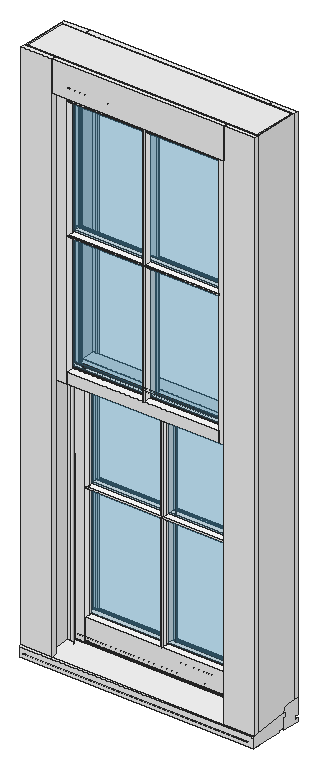
Revit family "B1-44", category Generic Models, Revit 2012 (continued)
Forms (mm)
  Extrusion 87, solid, material "White" <- "Floor Material"
    sketch origin (-21.41, 72.797, -224.237) x (1, 0, 0) y (0, 1, 0)
      loop
        line (-408.094, 34) -> (-408.094, 18) -> (-388.094, 18) -> (-388.094, 34) -> (-408.094, 34)
    from 353.733 to 1046.794
  Extrusion 88, solid, material "White" <- "Floor Material", detail levels fine
    sketch origin (-420.628, -53.846, 156.937) x (1, 0, 0) y (0, 1, 0)
      loop
        line (-8.825, 93.096) -> (11.175, 93.096) -> (11.175, 99.096) -> (9.175, 99.096) -> (9.175, 100.804)
        arc (9.175, 100.804) -> (7.675, 105.779) -> (3.675, 109.096) r 9
        line (3.675, 109.096) -> (3.675, 111.096) -> (-1.325, 111.096) -> (-1.325, 109.096)
        arc (-1.325, 109.096) -> (-5.325, 105.779) -> (-6.825, 100.804) r 9
        line (-6.825, 100.804) -> (-6.825, 99.096) -> (-8.825, 99.096) -> (-8.825, 93.096)
      loop
        line (-8.825, 61.911) -> (-1.376, 53.757) -> (-1.376, 51.757) -> (3.624, 51.757) -> (3.624, 53.757) -> (11.175, 64.711) -> (-8.825, 64.711) -> (-8.825, 61.911)
    from 707.091 to 1513.063
  Extrusion 89, solid, material "White" <- "Floor Material", detail levels fine
    sketch origin (450.141, -53.004, 1258.14) x (0, 0, 1) y (0, 1, 0)
      loop
        line (-8.825, 91) -> (11.175, 91) -> (11.175, 97) -> (9.175, 97) -> (9.175, 99.5)
        arc (9.175, 99.5) -> (7.469, 104.016) -> (3.675, 107) r 9
        line (3.675, 107) -> (3.675, 109) -> (-1.325, 109) -> (-1.325, 107)
        arc (-1.325, 107) -> (-5.119, 104.016) -> (-6.825, 99.5) r 9
        line (-6.825, 99.5) -> (-6.825, 97) -> (-8.825, 97) -> (-8.825, 91)
      loop
        line (-8.825, 61.911) -> (-1.376, 53.757) -> (-1.376, 51.757) -> (3.624, 51.757) -> (3.624, 53.757) -> (11.175, 64.711) -> (-8.825, 64.711) -> (-8.825, 61.911)
    from 625.219 to 1118.062
  Extrusion 90, solid, material "White" <- "Floor Material"
    sketch origin (450.141, 0, 1657.409) x (0, 0, 1) y (0, 1, 0)
      loop
        line (-408.094, 34) -> (-408.094, 18) -> (-388.094, 18) -> (-388.094, 34) -> (-408.094, 34)
    from 624.219 to 1108
  Extrusion 91, solid, material "White" <- "Floor Material"
    sketch origin (911.333, -571.902, 1492.371) x (0, 0, -1) y (0, -1, 0)
      loop
        line (-162.504, -643.402) -> (-199.504, -643.402)
        arc (-199.504, -643.402) -> (-201.625, -644.281) -> (-202.504, -646.402) r 3
        line (-202.504, -646.402) -> (-202.504, -651.402) -> (-196.504, -651.402) -> (-196.504, -654.402) -> (-202.504, -654.402) -> (-202.504, -667.402) -> (-196.504, -667.402) -> (-196.504, -679.402) -> (-202.504, -679.402) -> (-202.504, -700.402)
        arc (-202.504, -700.402) -> (-201.625, -702.524) -> (-199.504, -703.402) r 3
        line (-199.504, -703.402) -> (-162.504, -703.402) -> (-162.504, -643.402)
    from 1080.412 to 1585.254
  Extrusion 92, solid, material "White" <- "Floor Material"
    sketch origin (-1539.933, -714.403, 1493.496) x (0, 0, -1) y (0, 1, 0)
      loop
        arc (-199.504, 774.402) -> (-201.625, 773.524) -> (-202.504, 771.402) r 3
        line (-202.504, 771.402) -> (-202.504, 766.402) -> (-196.504, 766.402) -> (-196.504, 763.402) -> (-202.504, 763.402) -> (-202.504, 750.402) -> (-196.504, 750.402) -> (-196.504, 738.402) -> (-202.504, 738.402) -> (-202.504, 717.402)
        arc (-202.504, 717.402) -> (-201.625, 715.281) -> (-199.504, 714.402) r 3
        line (-199.504, 714.402) -> (-156.504, 714.402) -> (-146.504, 724.402) -> (-146.504, 726.402) -> (-162.504, 726.402) -> (-162.504, 774.402) -> (-199.504, 774.402)
    from 872.011 to 1364.854
Dimensions and locks
  plane 4 to level = 1770 mm
  plane 8 to plane 5 = 131 mm  (x2)
  plane 9 to plane 7 = 174 mm
  locked: plane 10 to plane 11 at 44
  locked: plane 4 to plane 12 at 100
  locked: plane 13 to plane 12 at 14
  plane 14 to level = 33 mm
  locked: Extrusion 58 to Extrusion 58 at 6
  Extrusion 4 to Extrusion 4 = 4 mm
  locked: plane 4 to plane 15 at 82
  plane 16 to level = 68 mm
  plane 16 to plane 2 = 68 mm
  plane 19 to plane 12 = 100 mm
  "Width": plane 17 to plane 5
  locked: Extrusion 81 to Extrusion 81 at 6
  plane 17 to plane 22 = 131 mm
  Extrusion 85 sketch curve to Extrusion 85 sketch curve = 8 mm  (x2)
  Extrusion 85 sketch curve to Extrusion 85 sketch curve = 26 mm
  plane 19 to level = 1770 mm
  plane 26 to level = 1254.52 mm
  plane 12 to plane 27 = 30.062 mm
  aligned and locked: level to plane 2
  aligned and locked: Extrusion 5 to Extrusion 6
  aligned and locked: Extrusion 33 to Extrusion 32
  aligned and locked: Extrusion 15 to plane 8
  aligned and locked: Extrusion 13 to plane 8
  aligned and locked: Extrusion 20 to plane 8
  aligned and locked: Extrusion 17 to plane 8
  aligned and locked: Extrusion 19 to plane 8
  aligned and locked: Extrusion 16 to plane 8
  aligned and locked: Extrusion 18 to plane 8
  aligned and locked: Extrusion 21 to plane 8
  aligned and locked: Extrusion 8 to plane 8
  aligned and locked: Extrusion 10 to plane 8
  aligned and locked: Extrusion 3 to plane 8
  aligned and locked: Extrusion 9 to plane 8
  aligned and locked: Extrusion 5 to plane 8
  aligned and locked: Extrusion 7 to plane 8
  aligned and locked: Extrusion 2 to plane 8
  aligned and locked: Extrusion 6 to plane 8
  aligned and locked: Extrusion 9 to Extrusion 15
  aligned and locked: Extrusion 8 to Extrusion 15
  aligned and locked: Extrusion 28 to plane 8
  aligned and locked: Extrusion 26 to plane 8
  aligned and locked: Extrusion 30 to plane 8
  aligned and locked: Extrusion 33 to plane 8
  aligned and locked: Extrusion 32 to plane 8
  aligned and locked: Extrusion 34 to plane 8
  aligned and locked: Extrusion 35 to plane 8
  aligned and locked: Extrusion 31 to plane 8
  aligned and locked: Extrusion 27 to plane 8
  aligned and locked: Extrusion 4 to plane 8
  aligned and locked: plane 10 to Extrusion 2
  aligned and locked: plane 11 to Extrusion 1
  aligned and locked: Extrusion 42 to plane 11
  aligned and locked: Extrusion 41 to plane 11
  aligned and locked: plane 13 to Extrusion 41
  aligned and locked: plane 13 to Extrusion 42
  aligned and locked: plane 13 to Extrusion 52
  aligned and locked: plane 13 to Extrusion 51
  aligned and locked: plane 13 to Extrusion 50
  aligned and locked: plane 13 to Extrusion 44
  aligned and locked: Extrusion 14 to Extrusion 54
  aligned and locked: Extrusion 24 to plane 17
  aligned and locked: plane 20 to Extrusion 57
  aligned and locked: plane 4 to Extrusion 56
  aligned and locked: plane 4 to Extrusion 58
  aligned and locked: plane 21 to Sweep 60 sketch curve
Automatic sketch dimensions
  Extrusion 21 sketch curve to plane 1 "Center (Front/Back)" = 12.25 mm
  Extrusion 21 sketch curve to Extrusion 21 sketch curve = 1.75 mm
  Extrusion 21 sketch curve to Extrusion 21 sketch curve = 24.25 mm
  Extrusion 21 sketch curve to Extrusion 21 sketch curve = 3 mm
  Extrusion 21 sketch curve to Extrusion 21 sketch curve = 4 mm  (x2)
  Extrusion 21 sketch curve to plane 12 = 31.063 mm
  Extrusion 21 sketch curve to Extrusion 21 sketch curve = 1 mm
  Extrusion 21 sketch curve to Extrusion 21 sketch curve = 0.215 mm
  Extrusion 21 sketch curve to Extrusion 21 sketch curve = 2.785 mm
  Extrusion 23 sketch curve to plane 14 = 0 mm
  Extrusion 23 sketch curve to level = 0 mm  (x2)
  plane 7 to Extrusion 23 sketch curve = 49.25 mm
  level to Extrusion 23 sketch curve = 5 mm
  Extrusion 23 sketch curve to Extrusion 23 sketch curve = 5 mm  (x2)
  Extrusion 23 sketch curve to Extrusion 23 sketch curve = 20 mm
  level to Extrusion 23 sketch curve = 2 mm
  Extrusion 23 sketch curve to plane 6 = 6.75 mm
  Extrusion 23 sketch curve to Extrusion 23 sketch curve = 3 mm
  plane 6 to Extrusion 23 sketch curve = 1.25 mm
  plane 14 to Extrusion 23 sketch curve = 0.098 mm
  plane 6 to Extrusion 23 sketch curve = 1.616 mm
  Extrusion 23 sketch curve to plane 14 = 2.879 mm
  plane 14 to Extrusion 23 sketch curve = 15 mm
  plane 5 to Extrusion 36 sketch curve = 7.079 mm
  plane 5 to Extrusion 36 sketch curve = 8.579 mm  (x2)
  plane 5 to Extrusion 36 sketch curve = 31.079 mm  (x2)
  Extrusion 36 sketch curve to Extrusion 36 sketch curve = 22.5 mm  (x4)
  Extrusion 36 sketch curve to plane 1 "Center (Front/Back)" = 7.75 mm
  Extrusion 36 sketch curve to Extrusion 36 sketch curve = 1.5 mm
  Extrusion 36 sketch curve to Extrusion 36 sketch curve = 20 mm
  Extrusion 36 sketch curve to Extrusion 36 sketch curve = 7 mm
  Extrusion 36 sketch curve to Extrusion 36 sketch curve = 14 mm
  Extrusion 36 sketch curve to plane 1 "Center (Front/Back)" = 30.25 mm
  Extrusion 36 sketch curve to Extrusion 36 sketch curve = 9 mm
  Extrusion 36 sketch curve to Extrusion 36 sketch curve = 11.5 mm  (x2)
  Extrusion 36 sketch curve to Extrusion 36 sketch curve = 4 mm
  Extrusion 36 sketch curve to Extrusion 36 sketch curve = 3 mm
  plane 7 to Extrusion 36 sketch curve = 29 mm
  plane 5 to Extrusion 37 sketch curve = 34.062 mm  (x2)
  Extrusion 37 sketch curve to Extrusion 37 sketch curve = 45 mm  (x2)
  Extrusion 37 sketch curve to Extrusion 37 sketch curve = 0 mm  (x2)
  Extrusion 37 sketch curve to Extrusion 37 sketch curve = 3 mm  (x2)
  Extrusion 37 sketch curve to plane 1 "Center (Front/Back)" = 14.937 mm
  Extrusion 37 sketch curve to plane 1 "Center (Front/Back)" = 21.437 mm
  Extrusion 37 sketch curve to Extrusion 37 sketch curve = 16 mm  (x2)
  Extrusion 37 sketch curve to Extrusion 37 sketch curve = 6.5 mm  (x3)
  Extrusion 37 sketch curve to Extrusion 37 sketch curve = 42 mm
  plane 7 to Extrusion 62 sketch curve = 20 mm
  plane 5 to Extrusion 62 sketch curve = 56.079 mm
  Extrusion 62 sketch curve to Extrusion 62 sketch curve = 9 mm  (x3)
  plane 1 "Center (Front/Back)" to Extrusion 62 sketch curve = 1.25 mm  (x2)
  Extrusion 62 sketch curve to Extrusion 62 sketch curve = 8 mm  (x2)
  plane 1 "Center (Front/Back)" to Extrusion 62 sketch curve = 6.25 mm
  Extrusion 62 sketch curve to Extrusion 62 sketch curve = 0 mm
  Extrusion 62 sketch curve to Extrusion 62 sketch curve = 5 mm
  plane 22 to Extrusion 71 sketch curve = 4.921 mm
  Extrusion 71 sketch curve to plane 22 = 0.079 mm
  Extrusion 71 sketch curve to plane 22 = 7.079 mm
  Extrusion 71 sketch curve to Extrusion 71 sketch curve = 1 mm  (x2)
  Extrusion 71 sketch curve to Extrusion 71 sketch curve = 3 mm  (x2)
  Extrusion 71 sketch curve to plane 1 "Center (Front/Back)" = 57 mm
  Extrusion 71 sketch curve to Extrusion 71 sketch curve = 4 mm
  Extrusion 71 sketch curve to Extrusion 71 sketch curve = 8 mm
  plane 22 to Extrusion 83 sketch curve = 4.922 mm
  Extrusion 83 sketch curve to plane 22 = 0.078 mm
  Extrusion 83 sketch curve to plane 22 = 7.078 mm
  Extrusion 83 sketch curve to Extrusion 83 sketch curve = 1 mm  (x2)
  Extrusion 83 sketch curve to Extrusion 83 sketch curve = 3 mm  (x2)
  plane 7 to Extrusion 83 sketch curve = 24.25 mm
  Extrusion 83 sketch curve to Extrusion 83 sketch curve = 4 mm
  Extrusion 83 sketch curve to Extrusion 83 sketch curve = 8 mm
  Extrusion 85 sketch curve to plane 23 = 2 mm
  plane 18 to Extrusion 85 sketch curve = 10 mm  (x2)
  Extrusion 85 sketch curve to Extrusion 85 sketch curve = 2 mm  (x4)
  plane 18 to Extrusion 85 sketch curve = 2.5 mm  (x2)
  Extrusion 85 sketch curve to plane 18 = 2.5 mm  (x2)
  Extrusion 85 sketch curve to plane 18 = 8 mm
  Extrusion 85 sketch curve to plane 18 = 10 mm
  Extrusion 85 sketch curve to Extrusion 85 sketch curve = 2.8 mm  (x2)
  Extrusion 85 sketch curve to Extrusion 85 sketch curve = 8.154 mm
  Extrusion 85 sketch curve to Extrusion 85 sketch curve = 0 mm  (x2)
  plane 23 to Extrusion 85 sketch curve = 6 mm
  Extrusion 85 sketch curve to Extrusion 85 sketch curve = 2.5 mm  (x2)
  Extrusion 85 sketch curve to Extrusion 85 sketch curve = 7.5 mm
  plane 18 to Extrusion 86 sketch curve = 10 mm
  Extrusion 86 sketch curve to plane 18 = 10 mm
  Extrusion 86 sketch curve to plane 1 "Center (Front/Back)" = 18 mm
  Extrusion 86 sketch curve to Extrusion 86 sketch curve = 16 mm
  plane 18 to Extrusion 87 sketch curve = 10 mm
  Extrusion 87 sketch curve to plane 18 = 10 mm
  plane 7 to Extrusion 87 sketch curve = 61.953 mm
  Extrusion 87 sketch curve to Extrusion 87 sketch curve = 16 mm
  plane 18 to Extrusion 88 sketch curve = 9.949 mm  (x2)
  Extrusion 88 sketch curve to Extrusion 88 sketch curve = 2 mm  (x4)
  plane 1 "Center (Front/Back)" to Extrusion 88 sketch curve = 0.089 mm  (x2)
  plane 18 to Extrusion 88 sketch curve = 2.5 mm
  plane 18 to Extrusion 88 sketch curve = 2.449 mm
  plane 18 to Extrusion 88 sketch curve = 0.949 mm
  Extrusion 88 sketch curve to plane 18 = 1.051 mm
  Extrusion 88 sketch curve to plane 18 = 2.5 mm
  Extrusion 88 sketch curve to plane 18 = 2.551 mm
  Extrusion 88 sketch curve to Extrusion 88 sketch curve = 7 mm
  Extrusion 88 sketch curve to plane 18 = 10.051 mm
  Extrusion 88 sketch curve to plane 1 "Center (Front/Back)" = 8.065 mm
  Extrusion 88 sketch curve to Extrusion 88 sketch curve = 2.8 mm
  Extrusion 88 sketch curve to Extrusion 88 sketch curve = 28.385 mm
  Extrusion 88 sketch curve to Extrusion 88 sketch curve = 6 mm  (x2)
  Extrusion 88 sketch curve to Extrusion 88 sketch curve = 1.708 mm
  Extrusion 88 sketch curve to Extrusion 88 sketch curve = 0 mm
  Extrusion 89 sketch curve to plane 26 = 5.205 mm  (x2)
  Extrusion 89 sketch curve to Extrusion 89 sketch curve = 2 mm  (x5)
  plane 26 to Extrusion 89 sketch curve = 2.244 mm
  plane 26 to Extrusion 89 sketch curve = 2.295 mm
  plane 26 to Extrusion 89 sketch curve = 3.831 mm
  Extrusion 89 sketch curve to Extrusion 89 sketch curve = 1.928 mm
  Extrusion 89 sketch curve to Extrusion 89 sketch curve = 5 mm  (x2)
  Extrusion 89 sketch curve to Extrusion 89 sketch curve = 7.036 mm
  Extrusion 89 sketch curve to Extrusion 89 sketch curve = 7.551 mm
  plane 1 "Center (Front/Back)" to Extrusion 89 sketch curve = 1.247 mm
  Extrusion 89 sketch curve to Extrusion 89 sketch curve = 8.154 mm
  Extrusion 89 sketch curve to Extrusion 89 sketch curve = 2.8 mm
  Extrusion 89 sketch curve to Extrusion 89 sketch curve = 26.289 mm
  Extrusion 89 sketch curve to Extrusion 89 sketch curve = 6 mm  (x2)
  Extrusion 89 sketch curve to Extrusion 89 sketch curve = 1.693 mm
  Extrusion 89 sketch curve to Extrusion 89 sketch curve = 0 mm
  Extrusion 89 sketch curve to Extrusion 89 sketch curve = 2.5 mm  (x2)
  Extrusion 90 sketch curve to plane 26 = 5.205 mm
  plane 26 to Extrusion 90 sketch curve = 14.795 mm
  plane 7 to Extrusion 90 sketch curve = 134.75 mm
  Extrusion 90 sketch curve to Extrusion 90 sketch curve = 16 mm
  Extrusion 2 sketch curve to plane 10 = 0 mm
  Extrusion 2 sketch curve to plane 10 = 2.602 mm
  Extrusion 2 sketch curve to plane 1 "Center (Front/Back)" = 38 mm
  Extrusion 2 sketch curve to Extrusion 2 sketch curve = 3 mm
  plane 10 to Extrusion 2 sketch curve = 1.398 mm
  Extrusion 2 sketch curve to Extrusion 2 sketch curve = 1 mm  (x3)
  Extrusion 2 sketch curve to Extrusion 2 sketch curve = 22 mm
  Extrusion 2 sketch curve to Extrusion 2 sketch curve = 18 mm
  Extrusion 2 sketch curve to Extrusion 2 sketch curve = 4 mm  (x2)
  plane 11 to Extrusion 2 sketch curve = 17.714 mm
  Extrusion 2 sketch curve to Extrusion 2 sketch curve = 4.863 mm
  plane 11 to Extrusion 2 sketch curve = 16.398 mm
  Extrusion 2 sketch curve to Extrusion 2 sketch curve = 0.137 mm
  Extrusion 2 sketch curve to Extrusion 2 sketch curve = 0.817 mm
  Extrusion 2 sketch curve to plane 10 = 13.602 mm
  Extrusion 2 sketch curve to Extrusion 2 sketch curve = 6 mm
  Extrusion 2 sketch curve to Extrusion 2 sketch curve = 0.597 mm  (x2)
  plane 11 to Extrusion 2 sketch curve = 6.398 mm
  Extrusion 2 sketch curve to Extrusion 2 sketch curve = 7 mm
  Extrusion 2 sketch curve to Extrusion 2 sketch curve = 2.849 mm
  Extrusion 2 sketch curve to Extrusion 2 sketch curve = 0.485 mm
  Extrusion 2 sketch curve to Extrusion 2 sketch curve = 1.127 mm
  Extrusion 2 sketch curve to Extrusion 2 sketch curve = 1.388 mm
  plane 11 to Extrusion 2 sketch curve = 1.398 mm  (x2)
  Extrusion 2 sketch curve to Extrusion 2 sketch curve = 0.636 mm
  Extrusion 2 sketch curve to Extrusion 2 sketch curve = 4.834 mm
  Extrusion 2 sketch curve to Extrusion 2 sketch curve = 1.387 mm
  Extrusion 2 sketch curve to Extrusion 2 sketch curve = 12 mm
  Extrusion 2 sketch curve to Extrusion 2 sketch curve = 26.5 mm
  Extrusion 2 sketch curve to Extrusion 2 sketch curve = 2.767 mm
  Extrusion 2 sketch curve to Extrusion 2 sketch curve = 0.678 mm
  Extrusion 2 sketch curve to Extrusion 2 sketch curve = 1.861 mm
  Extrusion 2 sketch curve to Extrusion 2 sketch curve = 1.082 mm
  plane 11 to Extrusion 2 sketch curve = 17.398 mm
  Extrusion 2 sketch curve to Extrusion 2 sketch curve = 0.887 mm
  Extrusion 2 sketch curve to Extrusion 2 sketch curve = 2.57 mm
  Extrusion 2 sketch curve to plane 10 = 3.602 mm
  plane 10 to Extrusion 3 sketch curve = 1.398 mm  (x2)
  Extrusion 3 sketch curve to plane 1 "Center (Front/Back)" = 12 mm
  Extrusion 3 sketch curve to Extrusion 3 sketch curve = 2 mm  (x2)
  plane 10 to Extrusion 3 sketch curve = 1.89 mm
  Extrusion 3 sketch curve to Extrusion 3 sketch curve = 24 mm  (x2)
  Extrusion 3 sketch curve to Extrusion 3 sketch curve = 3 mm  (x2)
  Extrusion 3 sketch curve to Extrusion 3 sketch curve = 4 mm  (x2)
  plane 11 to Extrusion 3 sketch curve = 4.398 mm
  Extrusion 3 sketch curve to Extrusion 3 sketch curve = 42 mm
  plane 11 to Extrusion 3 sketch curve = 0.907 mm
  plane 11 to Extrusion 3 sketch curve = 5.398 mm
  plane 11 to Extrusion 3 sketch curve = 1.398 mm  (x2)
  plane 11 to Extrusion 3 sketch curve = 1.153 mm
  Extrusion 3 sketch curve to Extrusion 3 sketch curve = 0.246 mm
  Extrusion 3 sketch curve to plane 10 = 2.602 mm
  Extrusion 3 sketch curve to plane 10 = 1.602 mm
  Extrusion 3 sketch curve to plane 10 = 1.356 mm
  plane 10 to Extrusion 3 sketch curve = 1.644 mm
  plane 7 to Extrusion 4 sketch curve = 67.764 mm
  Extrusion 4 sketch curve to Extrusion 4 sketch curve = 4 mm  (x2)
  plane 11 to Extrusion 4 sketch curve = 5.398 mm
  Extrusion 4 sketch curve to Extrusion 4 sketch curve = 16 mm
  plane 11 to Extrusion 4 sketch curve = 3.398 mm
  plane 16 to Extrusion 4 sketch curve = 49.004 mm
  Extrusion 4 sketch curve to Extrusion 4 sketch curve = 0 mm
  Extrusion 5 sketch curve to plane 10 = 14.702 mm
  Extrusion 5 sketch curve to plane 1 "Center (Front/Back)" = 61.71 mm
  Extrusion 5 sketch curve to Extrusion 5 sketch curve = 0.207 mm
  Extrusion 5 sketch curve to Extrusion 5 sketch curve = 0.208 mm
  Extrusion 5 sketch curve to Extrusion 5 sketch curve = 0.097 mm  (x2)
  Extrusion 5 sketch curve to Extrusion 5 sketch curve = 0.695 mm
  Extrusion 5 sketch curve to Extrusion 5 sketch curve = 0.01 mm
  Extrusion 5 sketch curve to Extrusion 5 sketch curve = 0.515 mm
  Extrusion 5 sketch curve to Extrusion 5 sketch curve = 0.807 mm
  Extrusion 5 sketch curve to Extrusion 5 sketch curve = 0.052 mm
  Extrusion 5 sketch curve to Extrusion 5 sketch curve = 0.494 mm
  Extrusion 5 sketch curve to Extrusion 5 sketch curve = 0.432 mm
  Extrusion 5 sketch curve to Extrusion 5 sketch curve = 0.799 mm
  Extrusion 5 sketch curve to Extrusion 5 sketch curve = 0.784 mm
  Extrusion 5 sketch curve to Extrusion 5 sketch curve = 0.893 mm  (x3)
  Extrusion 5 sketch curve to Extrusion 5 sketch curve = 3.071 mm
  Extrusion 5 sketch curve to Extrusion 5 sketch curve = 2.464 mm
  Extrusion 5 sketch curve to Extrusion 5 sketch curve = 0.602 mm  (x2)
  Extrusion 5 sketch curve to Extrusion 5 sketch curve = 2.962 mm
  Extrusion 5 sketch curve to Extrusion 5 sketch curve = 0.109 mm
  Extrusion 5 sketch curve to Extrusion 5 sketch curve = 0.606 mm
  Extrusion 5 sketch curve to Extrusion 5 sketch curve = 1.622 mm
  Extrusion 5 sketch curve to Extrusion 5 sketch curve = 0.373 mm
  Extrusion 5 sketch curve to Extrusion 5 sketch curve = 2.848 mm
  Extrusion 5 sketch curve to Extrusion 5 sketch curve = 0.798 mm
  Extrusion 5 sketch curve to Extrusion 5 sketch curve = 0.078 mm
  Extrusion 5 sketch curve to Extrusion 5 sketch curve = 0.64 mm
  Extrusion 5 sketch curve to Extrusion 5 sketch curve = 0.422 mm
  Extrusion 5 sketch curve to Extrusion 5 sketch curve = 1.377 mm
  Extrusion 5 sketch curve to Extrusion 5 sketch curve = 1.698 mm
  Extrusion 5 sketch curve to Extrusion 5 sketch curve = 0.083 mm
  Extrusion 5 sketch curve to Extrusion 5 sketch curve = 2.325 mm
  Extrusion 5 sketch curve to Extrusion 5 sketch curve = 2.362 mm
  Extrusion 5 sketch curve to Extrusion 5 sketch curve = 0.218 mm
  Extrusion 5 sketch curve to Extrusion 5 sketch curve = 0.794 mm  (x2)
  Extrusion 5 sketch curve to Extrusion 5 sketch curve = 0.584 mm
  Extrusion 5 sketch curve to Extrusion 5 sketch curve = 0.621 mm
  Extrusion 5 sketch curve to Extrusion 5 sketch curve = 0.663 mm
  Extrusion 5 sketch curve to Extrusion 5 sketch curve = 0.085 mm
  Extrusion 5 sketch curve to Extrusion 5 sketch curve = 0.645 mm
  Extrusion 5 sketch curve to Extrusion 5 sketch curve = 1.316 mm
  Extrusion 5 sketch curve to Extrusion 5 sketch curve = 0.482 mm
  Extrusion 5 sketch curve to Extrusion 5 sketch curve = 0.026 mm
  Extrusion 5 sketch curve to Extrusion 5 sketch curve = 2.763 mm
  Extrusion 5 sketch curve to Extrusion 5 sketch curve = 0.86 mm
  Extrusion 6 sketch curve to plane 10 = 14.602 mm
  Extrusion 6 sketch curve to plane 1 "Center (Front/Back)" = 61.71 mm
  Extrusion 6 sketch curve to Extrusion 6 sketch curve = 0.208 mm
  Extrusion 6 sketch curve to Extrusion 6 sketch curve = 0.098 mm
  Extrusion 6 sketch curve to Extrusion 6 sketch curve = 0.097 mm  (x5)
  Extrusion 6 sketch curve to Extrusion 6 sketch curve = 0.697 mm  (x2)
  Extrusion 6 sketch curve to Extrusion 6 sketch curve = 0.518 mm
  Extrusion 6 sketch curve to Extrusion 6 sketch curve = 0.694 mm
  Extrusion 6 sketch curve to Extrusion 6 sketch curve = 0.165 mm
  Extrusion 6 sketch curve to Extrusion 6 sketch curve = 0.689 mm
  Extrusion 6 sketch curve to Extrusion 6 sketch curve = 0.644 mm
  Extrusion 6 sketch curve to Extrusion 6 sketch curve = 0.799 mm
  Extrusion 6 sketch curve to Extrusion 6 sketch curve = 0.794 mm  (x4)
  Extrusion 6 sketch curve to Extrusion 6 sketch curve = 3.119 mm
  Extrusion 6 sketch curve to Extrusion 6 sketch curve = 2.365 mm
  Extrusion 6 sketch curve to Extrusion 6 sketch curve = 0.661 mm  (x2)
  Extrusion 6 sketch curve to Extrusion 6 sketch curve = 3.021 mm
  Extrusion 6 sketch curve to Extrusion 6 sketch curve = 0.541 mm
  Extrusion 6 sketch curve to Extrusion 6 sketch curve = 1.585 mm
  Extrusion 6 sketch curve to Extrusion 6 sketch curve = 0.629 mm
  Extrusion 6 sketch curve to Extrusion 6 sketch curve = 2.86 mm
  Extrusion 6 sketch curve to Extrusion 6 sketch curve = 0.091 mm
  Extrusion 6 sketch curve to Extrusion 6 sketch curve = 0.411 mm
  Extrusion 6 sketch curve to Extrusion 6 sketch curve = 0.739 mm
  Extrusion 6 sketch curve to Extrusion 6 sketch curve = 0.509 mm
  Extrusion 6 sketch curve to Extrusion 6 sketch curve = 1.464 mm
  Extrusion 6 sketch curve to Extrusion 6 sketch curve = 1.698 mm
  Extrusion 6 sketch curve to Extrusion 6 sketch curve = 0.134 mm
  Extrusion 6 sketch curve to Extrusion 6 sketch curve = 2.325 mm
  Extrusion 6 sketch curve to Extrusion 6 sketch curve = 2.323 mm
  Extrusion 6 sketch curve to Extrusion 6 sketch curve = 0.2 mm
  Extrusion 6 sketch curve to Extrusion 6 sketch curve = 0.501 mm
  Extrusion 6 sketch curve to Extrusion 6 sketch curve = 0.092 mm
  Extrusion 6 sketch curve to Extrusion 6 sketch curve = 0.722 mm
  Extrusion 6 sketch curve to Extrusion 6 sketch curve = 0.763 mm
  Extrusion 6 sketch curve to Extrusion 6 sketch curve = 0.744 mm
  Extrusion 6 sketch curve to Extrusion 6 sketch curve = 1.416 mm
  Extrusion 6 sketch curve to Extrusion 6 sketch curve = 0.365 mm
  Extrusion 6 sketch curve to Extrusion 6 sketch curve = 0.077 mm
  Extrusion 6 sketch curve to Extrusion 6 sketch curve = 2.759 mm
  Extrusion 6 sketch curve to Extrusion 6 sketch curve = 0.941 mm
  Extrusion 7 sketch curve to plane 10 = 14.319 mm
  Extrusion 7 sketch curve to plane 1 "Center (Front/Back)" = 56.897 mm
  Extrusion 7 sketch curve to Extrusion 7 sketch curve = 0.097 mm  (x2)
  Extrusion 7 sketch curve to Extrusion 7 sketch curve = 0.233 mm
  Extrusion 7 sketch curve to Extrusion 7 sketch curve = 0.437 mm
  Extrusion 7 sketch curve to Extrusion 7 sketch curve = 0.496 mm
  Extrusion 7 sketch curve to Extrusion 7 sketch curve = 0.065 mm
  Extrusion 7 sketch curve to Extrusion 7 sketch curve = 0.807 mm
  Extrusion 7 sketch curve to Extrusion 7 sketch curve = 0.052 mm
  Extrusion 7 sketch curve to Extrusion 7 sketch curve = 0.552 mm
  Extrusion 7 sketch curve to Extrusion 7 sketch curve = 0.432 mm
  Extrusion 7 sketch curve to Extrusion 7 sketch curve = 0.07 mm
  Extrusion 7 sketch curve to Extrusion 7 sketch curve = 0.799 mm
  Extrusion 7 sketch curve to Extrusion 7 sketch curve = 2.464 mm
  Extrusion 7 sketch curve to Extrusion 7 sketch curve = 5.127 mm
  Extrusion 7 sketch curve to Extrusion 7 sketch curve = 0.03 mm
  Extrusion 7 sketch curve to Extrusion 7 sketch curve = 0.032 mm
  Extrusion 7 sketch curve to Extrusion 7 sketch curve = 0.218 mm
  Extrusion 7 sketch curve to Extrusion 7 sketch curve = 0.346 mm
  Extrusion 7 sketch curve to Extrusion 7 sketch curve = 0.794 mm  (x2)
  Extrusion 7 sketch curve to Extrusion 7 sketch curve = 0.584 mm
  Extrusion 7 sketch curve to Extrusion 7 sketch curve = 0.621 mm
  Extrusion 7 sketch curve to Extrusion 7 sketch curve = 0.663 mm
  Extrusion 7 sketch curve to Extrusion 7 sketch curve = 4.187 mm
  Extrusion 7 sketch curve to Extrusion 7 sketch curve = 0.013 mm
  Extrusion 7 sketch curve to Extrusion 7 sketch curve = 0.465 mm
  Extrusion 7 sketch curve to Extrusion 7 sketch curve = 0.061 mm
  Extrusion 7 sketch curve to Extrusion 7 sketch curve = 0.661 mm
  Extrusion 7 sketch curve to Extrusion 7 sketch curve = 0.251 mm
  plane 11 to Extrusion 8 sketch curve = 17.781 mm
  Extrusion 8 sketch curve to plane 1 "Center (Front/Back)" = 69.29 mm
  Extrusion 8 sketch curve to Extrusion 8 sketch curve = 0.207 mm
  Extrusion 8 sketch curve to Extrusion 8 sketch curve = 0.208 mm
  Extrusion 8 sketch curve to Extrusion 8 sketch curve = 0.097 mm  (x2)
  Extrusion 8 sketch curve to Extrusion 8 sketch curve = 0.695 mm
  Extrusion 8 sketch curve to Extrusion 8 sketch curve = 0.01 mm
  Extrusion 8 sketch curve to Extrusion 8 sketch curve = 0.515 mm
  Extrusion 8 sketch curve to Extrusion 8 sketch curve = 0.807 mm
  Extrusion 8 sketch curve to Extrusion 8 sketch curve = 0.052 mm
  Extrusion 8 sketch curve to Extrusion 8 sketch curve = 0.494 mm
  Extrusion 8 sketch curve to Extrusion 8 sketch curve = 0.432 mm
  Extrusion 8 sketch curve to Extrusion 8 sketch curve = 0.799 mm
  Extrusion 8 sketch curve to Extrusion 8 sketch curve = 0.784 mm
  Extrusion 8 sketch curve to Extrusion 8 sketch curve = 0.893 mm  (x3)
  Extrusion 8 sketch curve to Extrusion 8 sketch curve = 3.071 mm
  Extrusion 8 sketch curve to Extrusion 8 sketch curve = 2.464 mm
  Extrusion 8 sketch curve to Extrusion 8 sketch curve = 0.602 mm  (x2)
  Extrusion 8 sketch curve to Extrusion 8 sketch curve = 2.962 mm
  Extrusion 8 sketch curve to Extrusion 8 sketch curve = 0.109 mm
  Extrusion 8 sketch curve to Extrusion 8 sketch curve = 0.606 mm
  Extrusion 8 sketch curve to Extrusion 8 sketch curve = 1.622 mm
  Extrusion 8 sketch curve to Extrusion 8 sketch curve = 0.373 mm
  Extrusion 8 sketch curve to Extrusion 8 sketch curve = 2.848 mm
  Extrusion 8 sketch curve to Extrusion 8 sketch curve = 0.798 mm
  Extrusion 8 sketch curve to Extrusion 8 sketch curve = 0.078 mm
  Extrusion 8 sketch curve to Extrusion 8 sketch curve = 0.64 mm
  Extrusion 8 sketch curve to Extrusion 8 sketch curve = 0.422 mm
  Extrusion 8 sketch curve to Extrusion 8 sketch curve = 1.377 mm
  Extrusion 8 sketch curve to Extrusion 8 sketch curve = 1.698 mm
  Extrusion 8 sketch curve to Extrusion 8 sketch curve = 0.083 mm
  Extrusion 8 sketch curve to Extrusion 8 sketch curve = 2.325 mm
  Extrusion 8 sketch curve to Extrusion 8 sketch curve = 2.362 mm
  Extrusion 8 sketch curve to Extrusion 8 sketch curve = 0.218 mm
  Extrusion 8 sketch curve to Extrusion 8 sketch curve = 0.794 mm  (x2)
  Extrusion 8 sketch curve to Extrusion 8 sketch curve = 0.584 mm
  Extrusion 8 sketch curve to Extrusion 8 sketch curve = 0.621 mm
  Extrusion 8 sketch curve to Extrusion 8 sketch curve = 0.663 mm
  Extrusion 8 sketch curve to Extrusion 8 sketch curve = 0.085 mm
  Extrusion 8 sketch curve to Extrusion 8 sketch curve = 0.645 mm
  Extrusion 8 sketch curve to Extrusion 8 sketch curve = 1.316 mm
  Extrusion 8 sketch curve to Extrusion 8 sketch curve = 0.482 mm
  Extrusion 8 sketch curve to Extrusion 8 sketch curve = 0.026 mm
  Extrusion 8 sketch curve to Extrusion 8 sketch curve = 2.763 mm
  Extrusion 8 sketch curve to Extrusion 8 sketch curve = 0.86 mm
  plane 11 to Extrusion 9 sketch curve = 17.398 mm
  Extrusion 9 sketch curve to plane 1 "Center (Front/Back)" = 74.103 mm
  Extrusion 9 sketch curve to Extrusion 9 sketch curve = 0.097 mm  (x2)
  Extrusion 9 sketch curve to Extrusion 9 sketch curve = 0.233 mm
  Extrusion 9 sketch curve to Extrusion 9 sketch curve = 0.437 mm
  Extrusion 9 sketch curve to Extrusion 9 sketch curve = 0.496 mm
  Extrusion 9 sketch curve to Extrusion 9 sketch curve = 0.065 mm
  Extrusion 9 sketch curve to Extrusion 9 sketch curve = 0.807 mm
  Extrusion 9 sketch curve to Extrusion 9 sketch curve = 0.052 mm
  Extrusion 9 sketch curve to Extrusion 9 sketch curve = 0.552 mm
  Extrusion 9 sketch curve to Extrusion 9 sketch curve = 0.432 mm
  Extrusion 9 sketch curve to Extrusion 9 sketch curve = 0.07 mm
  Extrusion 9 sketch curve to Extrusion 9 sketch curve = 0.799 mm
  Extrusion 9 sketch curve to Extrusion 9 sketch curve = 2.464 mm
  Extrusion 9 sketch curve to Extrusion 9 sketch curve = 5.127 mm
  Extrusion 9 sketch curve to Extrusion 9 sketch curve = 0.03 mm
  Extrusion 9 sketch curve to Extrusion 9 sketch curve = 0.032 mm
  Extrusion 9 sketch curve to Extrusion 9 sketch curve = 0.218 mm
  Extrusion 9 sketch curve to Extrusion 9 sketch curve = 0.346 mm
  Extrusion 9 sketch curve to Extrusion 9 sketch curve = 0.794 mm  (x2)
  Extrusion 9 sketch curve to Extrusion 9 sketch curve = 0.584 mm
  Extrusion 9 sketch curve to Extrusion 9 sketch curve = 0.621 mm
  Extrusion 9 sketch curve to Extrusion 9 sketch curve = 0.663 mm
  Extrusion 9 sketch curve to Extrusion 9 sketch curve = 4.187 mm
  Extrusion 9 sketch curve to Extrusion 9 sketch curve = 0.013 mm
  Extrusion 9 sketch curve to Extrusion 9 sketch curve = 0.465 mm
  Extrusion 9 sketch curve to Extrusion 9 sketch curve = 0.061 mm
  Extrusion 9 sketch curve to Extrusion 9 sketch curve = 0.661 mm
  Extrusion 9 sketch curve to Extrusion 9 sketch curve = 0.251 mm
  Extrusion 10 sketch curve to plane 1 "Center (Front/Back)" = 12 mm
  Extrusion 10 sketch curve to Extrusion 10 sketch curve = 26 mm  (x2)
  plane 11 to Extrusion 10 sketch curve = 13.398 mm
  Extrusion 10 sketch curve to Extrusion 10 sketch curve = 45 mm
  Extrusion 10 sketch curve to Extrusion 10 sketch curve = 4 mm  (x2)
  Extrusion 10 sketch curve to plane 10 = 14.602 mm
  plane 27 to Extrusion 13 sketch curve = 3 mm
  Extrusion 13 sketch curve to plane 1 "Center (Front/Back)" = 38.25 mm
  Extrusion 13 sketch curve to Extrusion 13 sketch curve = 3 mm  (x2)
  plane 15 to Extrusion 13 sketch curve = 7.62 mm
  Extrusion 13 sketch curve to Extrusion 13 sketch curve = 3.601 mm
  plane 15 to Extrusion 13 sketch curve = 11.305 mm
  Extrusion 13 sketch curve to Extrusion 13 sketch curve = 0.187 mm
  Extrusion 13 sketch curve to plane 27 = 1 mm
  Extrusion 13 sketch curve to Extrusion 13 sketch curve = 1 mm
  Extrusion 13 sketch curve to Extrusion 13 sketch curve = 0.649 mm
  plane 15 to Extrusion 13 sketch curve = 10.497 mm
  Extrusion 13 sketch curve to Extrusion 13 sketch curve = 2.265 mm
  Extrusion 13 sketch curve to Extrusion 13 sketch curve = 0.863 mm
  Extrusion 13 sketch curve to Extrusion 13 sketch curve = 0.001 mm
  Extrusion 13 sketch curve to Extrusion 13 sketch curve = 5 mm  (x2)
  plane 15 to Extrusion 13 sketch curve = 15.566 mm
  Extrusion 13 sketch curve to Extrusion 13 sketch curve = 1.118 mm
  Extrusion 13 sketch curve to Extrusion 13 sketch curve = 0.702 mm  (x2)
  plane 15 to Extrusion 13 sketch curve = 14.005 mm
  plane 15 to Extrusion 13 sketch curve = 2.625 mm
  Extrusion 13 sketch curve to Extrusion 13 sketch curve = 5.889 mm
  Extrusion 13 sketch curve to Extrusion 13 sketch curve = 0.861 mm
  Extrusion 13 sketch curve to Extrusion 13 sketch curve = 1.943 mm
  Extrusion 13 sketch curve to Extrusion 13 sketch curve = 1.982 mm
  plane 15 to Extrusion 13 sketch curve = 2.22 mm
  Extrusion 13 sketch curve to Extrusion 13 sketch curve = 0.1 mm
  Extrusion 13 sketch curve to Extrusion 13 sketch curve = 1.022 mm
  Extrusion 13 sketch curve to Extrusion 13 sketch curve = 0.095 mm
  Extrusion 13 sketch curve to Extrusion 13 sketch curve = 0.7 mm
  Extrusion 13 sketch curve to Extrusion 13 sketch curve = 1.018 mm
  Extrusion 13 sketch curve to Extrusion 13 sketch curve = 8 mm
  plane 27 to Extrusion 13 sketch curve = 2 mm
  Extrusion 13 sketch curve to Extrusion 13 sketch curve = 0.405 mm
  Extrusion 13 sketch curve to Extrusion 13 sketch curve = 1.234 mm
  Extrusion 13 sketch curve to Extrusion 13 sketch curve = 2.583 mm
  Extrusion 13 sketch curve to Extrusion 13 sketch curve = 0.9 mm
  Extrusion 13 sketch curve to Extrusion 13 sketch curve = 1.71 mm
  plane 1 "Center (Front/Back)" to Extrusion 14 sketch curve = 1.25 mm
  Extrusion 14 sketch curve to plane 4 = 6 mm
  plane 7 to Extrusion 14 sketch curve = 20 mm
  plane 15 to Extrusion 14 sketch curve = 32 mm
  Extrusion 15 sketch curve to plane 12 = 0 mm  (x2)
  plane 10 to Extrusion 15 sketch curve = 1.89 mm  (x2)
  Extrusion 15 sketch curve to plane 1 "Center (Front/Back)" = 14 mm
  Extrusion 15 sketch curve to Extrusion 15 sketch curve = 4 mm  (x2)
  Extrusion 15 sketch curve to Extrusion 15 sketch curve = 16.25 mm
  plane 1 "Center (Front/Back)" to Extrusion 16 sketch curve = 3.465 mm
  Extrusion 16 sketch curve to Extrusion 16 sketch curve = 1.414 mm
  Extrusion 16 sketch curve to plane 15 = 1.206 mm
  Extrusion 16 sketch curve to plane 15 = 0.117 mm
  plane 15 to Extrusion 16 sketch curve = 2.992 mm
  Extrusion 16 sketch curve to Extrusion 16 sketch curve = 1.085 mm
  plane 15 to Extrusion 17 sketch curve = 2.687 mm
  plane 1 "Center (Front/Back)" to Extrusion 17 sketch curve = 8.25 mm
  plane 15 to Extrusion 17 sketch curve = 0.187 mm
  Extrusion 17 sketch curve to Extrusion 17 sketch curve = 4 mm
  Extrusion 17 sketch curve to Extrusion 17 sketch curve = 0 mm
  Extrusion 17 sketch curve to Extrusion 17 sketch curve = 0.786 mm
  Extrusion 17 sketch curve to Extrusion 17 sketch curve = 1.414 mm  (x2)
  Extrusion 17 sketch curve to Extrusion 17 sketch curve = 0.8 mm  (x2)
  Extrusion 17 sketch curve to plane 15 = 0.117 mm
  Extrusion 17 sketch curve to plane 15 = 1.206 mm
  Extrusion 17 sketch curve to Extrusion 17 sketch curve = 0.857 mm  (x2)
  plane 15 to Extrusion 17 sketch curve = 2.992 mm
  Extrusion 17 sketch curve to Extrusion 17 sketch curve = 1.089 mm
  plane 1 "Center (Front/Back)" to Extrusion 18 sketch curve = 2.05 mm
  Extrusion 18 sketch curve to plane 1 "Center (Front/Back)" = 2.612 mm
  Extrusion 18 sketch curve to plane 15 = 1.419 mm
  plane 15 to Extrusion 18 sketch curve = 0.664 mm
  Extrusion 18 sketch curve to Extrusion 18 sketch curve = 1.235 mm
  plane 15 to Extrusion 18 sketch curve = 4.262 mm
  plane 15 to Extrusion 19 sketch curve = 4.078 mm
  plane 7 to Extrusion 19 sketch curve = 17.786 mm
  Extrusion 19 sketch curve to Extrusion 19 sketch curve = 1.414 mm
  Extrusion 19 sketch curve to Extrusion 19 sketch curve = 1.085 mm
  Extrusion 19 sketch curve to plane 15 = 0.117 mm
  Extrusion 19 sketch curve to Extrusion 19 sketch curve = 1.089 mm
  Extrusion 20 sketch curve to plane 15 = 1.899 mm
  Extrusion 20 sketch curve to plane 7 = 19.2 mm
  plane 15 to Extrusion 20 sketch curve = 1.419 mm
  Extrusion 20 sketch curve to Extrusion 20 sketch curve = 4.662 mm
  Extrusion 20 sketch curve to plane 15 = 0.664 mm
  Extrusion 20 sketch curve to plane 15 = 4.262 mm
  plane 1 "Center (Front/Back)" to Extrusion 22 sketch curve = 6.25 mm
  plane 1 "Center (Front/Back)" to Extrusion 22 sketch curve = 1.25 mm  (x2)
  plane 15 to Extrusion 22 sketch curve = 6 mm  (x2)
  Extrusion 22 sketch curve to plane 1 "Center (Front/Back)" = 61.75 mm
  Extrusion 22 sketch curve to Extrusion 22 sketch curve = 8 mm  (x2)
  plane 7 to Extrusion 22 sketch curve = 15 mm
  Extrusion 22 sketch curve to Extrusion 22 sketch curve = 7 mm
  Extrusion 22 sketch curve to Extrusion 22 sketch curve = 9 mm
  Extrusion 22 sketch curve to plane 4 = 6 mm
  Extrusion 24 sketch curve to level = 0 mm
  Extrusion 24 sketch curve to plane 16 = 0 mm
  Extrusion 24 sketch curve to plane 14 = 0 mm
  plane 7 to Extrusion 24 sketch curve = 0.25 mm  (x2)
  Extrusion 24 sketch curve to Extrusion 24 sketch curve = 10 mm  (x2)
  Extrusion 24 sketch curve to Extrusion 24 sketch curve = 20 mm
  Extrusion 24 sketch curve to Extrusion 24 sketch curve = 39 mm
  Extrusion 24 sketch curve to Extrusion 24 sketch curve = 5 mm  (x2)
  Extrusion 24 sketch curve to plane 16 = 4.175 mm
  Extrusion 24 sketch curve to Extrusion 24 sketch curve = 4.913 mm  (x2)
  Extrusion 24 sketch curve to Extrusion 24 sketch curve = 3 mm
  Extrusion 24 sketch curve to plane 14 = 13 mm
  plane 7 to Extrusion 25 sketch curve = 21.75 mm
  Extrusion 25 sketch curve to Extrusion 25 sketch curve = 2.634 mm
  Extrusion 25 sketch curve to Extrusion 25 sketch curve = 3 mm  (x4)
  plane 16 to Extrusion 25 sketch curve = 2.389 mm
  Extrusion 25 sketch curve to Extrusion 25 sketch curve = 5.366 mm
  Extrusion 25 sketch curve to Extrusion 25 sketch curve = 11 mm  (x2)
  Extrusion 25 sketch curve to Extrusion 25 sketch curve = 26 mm
  Extrusion 25 sketch curve to Extrusion 25 sketch curve = 8 mm
  Extrusion 25 sketch curve to plane 16 = 16.295 mm
  Extrusion 25 sketch curve to Extrusion 25 sketch curve = 4 mm
  Extrusion 25 sketch curve to Extrusion 25 sketch curve = 14 mm
  Extrusion 25 sketch curve to Extrusion 25 sketch curve = 2 mm
  plane 14 to Extrusion 25 sketch curve = 15.571 mm
  Extrusion 25 sketch curve to Extrusion 25 sketch curve = 4.634 mm
  Extrusion 25 sketch curve to Extrusion 25 sketch curve = 0.366 mm
  plane 16 to Extrusion 25 sketch curve = 3.048 mm
  plane 16 to Extrusion 25 sketch curve = 5.67 mm  (x2)
  Extrusion 25 sketch curve to Extrusion 25 sketch curve = 5.632 mm
  Extrusion 25 sketch curve to Extrusion 25 sketch curve = 39.334 mm
  Extrusion 25 sketch curve to Extrusion 25 sketch curve = 0 mm
  Extrusion 25 sketch curve to Extrusion 25 sketch curve = 6 mm
  Extrusion 25 sketch curve to Extrusion 25 sketch curve = 10 mm
  plane 16 to Extrusion 25 sketch curve = 2.021 mm
  plane 16 to Extrusion 25 sketch curve = 0.67 mm
  Extrusion 25 sketch curve to Extrusion 25 sketch curve = 7.416 mm
  Extrusion 25 sketch curve to Extrusion 25 sketch curve = 2.409 mm
  Extrusion 25 sketch curve to Extrusion 25 sketch curve = 1.784 mm
  plane 7 to Extrusion 26 sketch curve = 17.224 mm
  Extrusion 26 sketch curve to Extrusion 26 sketch curve = 1.5 mm  (x2)
  Extrusion 26 sketch curve to Extrusion 26 sketch curve = 5.315 mm
  plane 16 to Extrusion 26 sketch curve = 11.278 mm
  Extrusion 26 sketch curve to Extrusion 26 sketch curve = 1.278 mm
  Extrusion 26 sketch curve to Extrusion 26 sketch curve = 1.655 mm  (x2)
  Extrusion 26 sketch curve to Extrusion 26 sketch curve = 1.69 mm
  plane 16 to Extrusion 26 sketch curve = 3.722 mm
  plane 7 to Extrusion 27 sketch curve = 24.75 mm
  Extrusion 27 sketch curve to Extrusion 27 sketch curve = 3 mm  (x3)
  Extrusion 27 sketch curve to Extrusion 27 sketch curve = 8 mm
  Extrusion 27 sketch curve to Extrusion 27 sketch curve = 4 mm  (x2)
  Extrusion 27 sketch curve to Extrusion 27 sketch curve = 1 mm
  plane 16 to Extrusion 27 sketch curve = 61.004 mm
  Extrusion 27 sketch curve to Extrusion 27 sketch curve = 5 mm
  plane 7 to Extrusion 28 sketch curve = 43.75 mm
  Extrusion 28 sketch curve to Extrusion 28 sketch curve = 24 mm
  Extrusion 28 sketch curve to Extrusion 28 sketch curve = 2 mm
  plane 16 to Extrusion 28 sketch curve = 58.25 mm
  Extrusion 28 sketch curve to Extrusion 28 sketch curve = 0.246 mm
  Extrusion 28 sketch curve to Extrusion 28 sketch curve = 9.246 mm
  Extrusion 28 sketch curve to Extrusion 28 sketch curve = 4 mm
  plane 14 to Extrusion 29 sketch curve = 15.645 mm
  plane 7 to Extrusion 29 sketch curve = 70.641 mm
  Extrusion 29 sketch curve to plane 16 = 14.53 mm
  Extrusion 29 sketch curve to Extrusion 29 sketch curve = 0.207 mm
  plane 14 to Extrusion 29 sketch curve = 17.343 mm
  Extrusion 29 sketch curve to Extrusion 29 sketch curve = 0.208 mm
  Extrusion 29 sketch curve to plane 16 = 13.736 mm
  Extrusion 29 sketch curve to Extrusion 29 sketch curve = 0.097 mm  (x2)
  Extrusion 29 sketch curve to Extrusion 29 sketch curve = 0.695 mm
  plane 14 to Extrusion 29 sketch curve = 14.86 mm
  Extrusion 29 sketch curve to Extrusion 29 sketch curve = 0.01 mm
  Extrusion 29 sketch curve to plane 16 = 16.892 mm
  Extrusion 29 sketch curve to Extrusion 29 sketch curve = 0.515 mm
  Extrusion 29 sketch curve to plane 16 = 13.729 mm
  Extrusion 29 sketch curve to Extrusion 29 sketch curve = 0.807 mm
  Extrusion 29 sketch curve to plane 16 = 13.065 mm
  Extrusion 29 sketch curve to Extrusion 29 sketch curve = 0.052 mm
  Extrusion 29 sketch curve to plane 16 = 16.975 mm
  Extrusion 29 sketch curve to Extrusion 29 sketch curve = 0.494 mm
  Extrusion 29 sketch curve to plane 16 = 14.312 mm
  Extrusion 29 sketch curve to Extrusion 29 sketch curve = 0.432 mm
  Extrusion 29 sketch curve to plane 16 = 13.107 mm
  Extrusion 29 sketch curve to Extrusion 29 sketch curve = 0.799 mm
  plane 14 to Extrusion 29 sketch curve = 17.022 mm
  Extrusion 29 sketch curve to Extrusion 29 sketch curve = 0.784 mm
  Extrusion 29 sketch curve to Extrusion 29 sketch curve = 0.893 mm
  plane 14 to Extrusion 29 sketch curve = 9.784 mm
  Extrusion 29 sketch curve to Extrusion 29 sketch curve = 3.071 mm
  Extrusion 29 sketch curve to plane 16 = 14.76 mm
  Extrusion 29 sketch curve to Extrusion 29 sketch curve = 2.464 mm
  Extrusion 29 sketch curve to plane 16 = 13.966 mm
  Extrusion 29 sketch curve to Extrusion 29 sketch curve = 0.602 mm  (x2)
  Extrusion 29 sketch curve to Extrusion 29 sketch curve = 2.962 mm
  plane 14 to Extrusion 29 sketch curve = 14.106 mm
  Extrusion 29 sketch curve to Extrusion 29 sketch curve = 0.109 mm
  plane 14 to Extrusion 29 sketch curve = 12.547 mm
  Extrusion 29 sketch curve to Extrusion 29 sketch curve = 0.606 mm
  Extrusion 29 sketch curve to Extrusion 29 sketch curve = 1.622 mm
  Extrusion 29 sketch curve to Extrusion 29 sketch curve = 0.373 mm
  Extrusion 29 sketch curve to Extrusion 29 sketch curve = 2.848 mm
  plane 14 to Extrusion 29 sketch curve = 12.039 mm
  Extrusion 29 sketch curve to Extrusion 29 sketch curve = 0.798 mm
  plane 14 to Extrusion 29 sketch curve = 16.068 mm
  Extrusion 29 sketch curve to Extrusion 29 sketch curve = 0.078 mm
  Extrusion 29 sketch curve to Extrusion 29 sketch curve = 0.64 mm
  Extrusion 29 sketch curve to Extrusion 29 sketch curve = 0.645 mm
  Extrusion 29 sketch curve to Extrusion 29 sketch curve = 0.026 mm
  Extrusion 29 sketch curve to Extrusion 29 sketch curve = 0.86 mm
  Extrusion 30 sketch curve to plane 16 = 14.53 mm
  plane 7 to Extrusion 30 sketch curve = 70.848 mm
  Extrusion 30 sketch curve to plane 16 = 13.736 mm
  Extrusion 30 sketch curve to Extrusion 30 sketch curve = 0.097 mm  (x2)
  plane 14 to Extrusion 30 sketch curve = 15.804 mm
  Extrusion 30 sketch curve to Extrusion 30 sketch curve = 0.233 mm
  Extrusion 30 sketch curve to Extrusion 30 sketch curve = 0.437 mm
  Extrusion 30 sketch curve to Extrusion 30 sketch curve = 0.059 mm
  Extrusion 30 sketch curve to Extrusion 30 sketch curve = 0.065 mm
  Extrusion 30 sketch curve to plane 16 = 13.729 mm
  Extrusion 30 sketch curve to Extrusion 30 sketch curve = 0.807 mm
  Extrusion 30 sketch curve to plane 16 = 13.065 mm
  Extrusion 30 sketch curve to Extrusion 30 sketch curve = 0.052 mm
  Extrusion 30 sketch curve to Extrusion 30 sketch curve = 0.552 mm
  Extrusion 30 sketch curve to plane 16 = 14.312 mm
  Extrusion 30 sketch curve to Extrusion 30 sketch curve = 0.432 mm
  Extrusion 30 sketch curve to Extrusion 30 sketch curve = 0.07 mm
  Extrusion 30 sketch curve to plane 16 = 13.107 mm
  Extrusion 30 sketch curve to Extrusion 30 sketch curve = 0.799 mm
  Extrusion 30 sketch curve to plane 16 = 14.76 mm
  Extrusion 30 sketch curve to Extrusion 30 sketch curve = 2.464 mm
  Extrusion 30 sketch curve to plane 16 = 13.966 mm
  plane 14 to Extrusion 30 sketch curve = 14.567 mm
  Extrusion 30 sketch curve to Extrusion 30 sketch curve = 5.127 mm
  Extrusion 30 sketch curve to Extrusion 30 sketch curve = 0.03 mm
  Extrusion 30 sketch curve to Extrusion 30 sketch curve = 0.032 mm
  Extrusion 30 sketch curve to Extrusion 30 sketch curve = 0.478 mm
  Extrusion 30 sketch curve to Extrusion 30 sketch curve = 0.013 mm
  Extrusion 30 sketch curve to Extrusion 30 sketch curve = 0.061 mm
  Extrusion 30 sketch curve to Extrusion 30 sketch curve = 0.502 mm
  plane 7 to Extrusion 31 sketch curve = 47.75 mm
  Extrusion 31 sketch curve to Extrusion 31 sketch curve = 16 mm
  plane 16 to Extrusion 31 sketch curve = 59.004 mm
  Extrusion 31 sketch curve to Extrusion 31 sketch curve = 10 mm
  plane 16 to Extrusion 32 sketch curve = 0.679 mm
  plane 7 to Extrusion 32 sketch curve = 29.641 mm
  plane 16 to Extrusion 32 sketch curve = 5.504 mm
  Extrusion 32 sketch curve to Extrusion 32 sketch curve = 0.207 mm
  plane 16 to Extrusion 32 sketch curve = 2.377 mm
  Extrusion 32 sketch curve to Extrusion 32 sketch curve = 0.208 mm
  plane 16 to Extrusion 32 sketch curve = 6.298 mm
  Extrusion 32 sketch curve to Extrusion 32 sketch curve = 0.097 mm  (x2)
  Extrusion 32 sketch curve to Extrusion 32 sketch curve = 0.695 mm
  Extrusion 32 sketch curve to plane 16 = 0.106 mm
  Extrusion 32 sketch curve to Extrusion 32 sketch curve = 0.01 mm
  plane 16 to Extrusion 32 sketch curve = 3.142 mm
  Extrusion 32 sketch curve to Extrusion 32 sketch curve = 0.515 mm
  plane 16 to Extrusion 32 sketch curve = 6.306 mm
  Extrusion 32 sketch curve to Extrusion 32 sketch curve = 0.807 mm
  plane 16 to Extrusion 32 sketch curve = 6.969 mm
  Extrusion 32 sketch curve to Extrusion 32 sketch curve = 0.052 mm
  plane 16 to Extrusion 32 sketch curve = 3.059 mm
  Extrusion 32 sketch curve to Extrusion 32 sketch curve = 0.494 mm
  plane 16 to Extrusion 32 sketch curve = 5.722 mm
  Extrusion 32 sketch curve to Extrusion 32 sketch curve = 0.432 mm
  plane 16 to Extrusion 32 sketch curve = 6.927 mm
  Extrusion 32 sketch curve to Extrusion 32 sketch curve = 0.799 mm
  plane 16 to Extrusion 32 sketch curve = 2.056 mm
  Extrusion 32 sketch curve to Extrusion 32 sketch curve = 0.784 mm
  Extrusion 32 sketch curve to Extrusion 32 sketch curve = 0.893 mm
  Extrusion 32 sketch curve to plane 16 = 5.182 mm
  Extrusion 32 sketch curve to Extrusion 32 sketch curve = 3.071 mm
  plane 16 to Extrusion 32 sketch curve = 5.274 mm
  Extrusion 32 sketch curve to Extrusion 32 sketch curve = 2.464 mm
  plane 16 to Extrusion 32 sketch curve = 6.068 mm
  Extrusion 32 sketch curve to Extrusion 32 sketch curve = 0.602 mm  (x2)
  Extrusion 32 sketch curve to plane 16 = 1.754 mm
  Extrusion 32 sketch curve to Extrusion 32 sketch curve = 2.962 mm
  Extrusion 32 sketch curve to plane 16 = 0.86 mm
  Extrusion 32 sketch curve to Extrusion 32 sketch curve = 0.109 mm
  Extrusion 32 sketch curve to plane 16 = 2.419 mm
  Extrusion 32 sketch curve to Extrusion 32 sketch curve = 1.622 mm
  Extrusion 32 sketch curve to Extrusion 32 sketch curve = 0.373 mm
  plane 16 to Extrusion 32 sketch curve = 0.456 mm
  Extrusion 32 sketch curve to Extrusion 32 sketch curve = 2.848 mm
  Extrusion 32 sketch curve to plane 16 = 2.927 mm
  Extrusion 32 sketch curve to Extrusion 32 sketch curve = 0.798 mm
  plane 16 to Extrusion 32 sketch curve = 1.102 mm
  Extrusion 32 sketch curve to Extrusion 32 sketch curve = 0.078 mm
  plane 16 to Extrusion 32 sketch curve = 0.345 mm
  Extrusion 32 sketch curve to Extrusion 32 sketch curve = 0.026 mm
  Extrusion 32 sketch curve to Extrusion 32 sketch curve = 0.86 mm
  plane 16 to Extrusion 33 sketch curve = 0.691 mm
  plane 7 to Extrusion 33 sketch curve = 29.542 mm
  plane 16 to Extrusion 33 sketch curve = 2.389 mm
  Extrusion 33 sketch curve to Extrusion 33 sketch curve = 0.208 mm
  plane 16 to Extrusion 33 sketch curve = 5.504 mm
  Extrusion 33 sketch curve to Extrusion 33 sketch curve = 0.098 mm
  plane 16 to Extrusion 33 sketch curve = 6.298 mm
  Extrusion 33 sketch curve to Extrusion 33 sketch curve = 0.097 mm  (x4)
  Extrusion 33 sketch curve to plane 16 = 0.2 mm
  Extrusion 33 sketch curve to Extrusion 33 sketch curve = 0.697 mm  (x2)
  plane 16 to Extrusion 33 sketch curve = 3.181 mm
  Extrusion 33 sketch curve to Extrusion 33 sketch curve = 0.518 mm
  plane 16 to Extrusion 33 sketch curve = 0.594 mm
  plane 16 to Extrusion 33 sketch curve = 6.205 mm
  Extrusion 33 sketch curve to Extrusion 33 sketch curve = 0.694 mm
  plane 16 to Extrusion 33 sketch curve = 6.969 mm
  Extrusion 33 sketch curve to Extrusion 33 sketch curve = 0.165 mm
  plane 16 to Extrusion 33 sketch curve = 3.047 mm
  Extrusion 33 sketch curve to Extrusion 33 sketch curve = 0.689 mm
  plane 16 to Extrusion 33 sketch curve = 5.704 mm
  Extrusion 33 sketch curve to Extrusion 33 sketch curve = 0.644 mm
  plane 16 to Extrusion 33 sketch curve = 6.927 mm
  Extrusion 33 sketch curve to Extrusion 33 sketch curve = 0.799 mm
  Extrusion 33 sketch curve to Extrusion 33 sketch curve = 0.794 mm
  Extrusion 33 sketch curve to plane 16 = 5.101 mm
  Extrusion 33 sketch curve to Extrusion 33 sketch curve = 3.119 mm
  plane 16 to Extrusion 33 sketch curve = 5.274 mm
  Extrusion 33 sketch curve to Extrusion 33 sketch curve = 2.365 mm
  plane 16 to Extrusion 33 sketch curve = 6.068 mm
  Extrusion 33 sketch curve to Extrusion 33 sketch curve = 0.661 mm  (x2)
  Extrusion 33 sketch curve to plane 16 = 1.754 mm
  Extrusion 33 sketch curve to Extrusion 33 sketch curve = 3.021 mm
  Extrusion 33 sketch curve to plane 16 = 0.959 mm
  Extrusion 33 sketch curve to Extrusion 33 sketch curve = 0.541 mm
  Extrusion 33 sketch curve to Extrusion 33 sketch curve = 1.585 mm
  Extrusion 33 sketch curve to plane 16 = 3.616 mm
  Extrusion 33 sketch curve to Extrusion 33 sketch curve = 0.629 mm
  plane 16 to Extrusion 33 sketch curve = 0.456 mm
  Extrusion 33 sketch curve to Extrusion 33 sketch curve = 2.86 mm
  Extrusion 33 sketch curve to Extrusion 33 sketch curve = 0.091 mm
  Extrusion 33 sketch curve to Extrusion 33 sketch curve = 0.411 mm
  plane 16 to Extrusion 33 sketch curve = 0.327 mm
  Extrusion 33 sketch curve to Extrusion 33 sketch curve = 0.739 mm
  Extrusion 33 sketch curve to Extrusion 33 sketch curve = 0.909 mm
  Extrusion 33 sketch curve to Extrusion 33 sketch curve = 0.941 mm
  plane 16 to Extrusion 34 sketch curve = 5.504 mm
  plane 7 to Extrusion 34 sketch curve = 29.848 mm
  plane 16 to Extrusion 34 sketch curve = 6.298 mm
  Extrusion 34 sketch curve to Extrusion 34 sketch curve = 0.097 mm  (x2)
  plane 16 to Extrusion 34 sketch curve = 0.839 mm
  Extrusion 34 sketch curve to Extrusion 34 sketch curve = 0.233 mm
  plane 16 to Extrusion 34 sketch curve = 0.281 mm
  Extrusion 34 sketch curve to Extrusion 34 sketch curve = 0.437 mm
  Extrusion 34 sketch curve to Extrusion 34 sketch curve = 0.059 mm
  Extrusion 34 sketch curve to Extrusion 34 sketch curve = 0.065 mm
  plane 16 to Extrusion 34 sketch curve = 6.306 mm
  Extrusion 34 sketch curve to Extrusion 34 sketch curve = 0.807 mm
  plane 16 to Extrusion 34 sketch curve = 6.969 mm
  Extrusion 34 sketch curve to Extrusion 34 sketch curve = 0.052 mm
  Extrusion 34 sketch curve to Extrusion 34 sketch curve = 0.552 mm
  plane 16 to Extrusion 34 sketch curve = 5.722 mm
  Extrusion 34 sketch curve to Extrusion 34 sketch curve = 0.432 mm
  Extrusion 34 sketch curve to Extrusion 34 sketch curve = 0.07 mm
  plane 16 to Extrusion 34 sketch curve = 6.927 mm
  Extrusion 34 sketch curve to Extrusion 34 sketch curve = 0.799 mm
  plane 16 to Extrusion 34 sketch curve = 5.274 mm
  Extrusion 34 sketch curve to Extrusion 34 sketch curve = 2.464 mm
  plane 16 to Extrusion 34 sketch curve = 6.068 mm
  Extrusion 34 sketch curve to plane 16 = 0.399 mm
  Extrusion 34 sketch curve to Extrusion 34 sketch curve = 5.127 mm
  Extrusion 34 sketch curve to Extrusion 34 sketch curve = 0.03 mm
  plane 16 to Extrusion 34 sketch curve = 0.103 mm
  Extrusion 34 sketch curve to Extrusion 34 sketch curve = 0.032 mm
  Extrusion 34 sketch curve to Extrusion 34 sketch curve = 0.539 mm
  Extrusion 34 sketch curve to Extrusion 34 sketch curve = 0.526 mm
  plane 7 to Extrusion 35 sketch curve = 39.75 mm
  Extrusion 35 sketch curve to Extrusion 35 sketch curve = 1 mm
  Extrusion 35 sketch curve to Extrusion 35 sketch curve = 3 mm  (x2)
  Extrusion 35 sketch curve to Extrusion 35 sketch curve = 24 mm
  Extrusion 35 sketch curve to Extrusion 35 sketch curve = 2 mm
  plane 16 to Extrusion 35 sketch curve = 61.495 mm
  Extrusion 35 sketch curve to Extrusion 35 sketch curve = 0.246 mm  (x3)
  Extrusion 35 sketch curve to Extrusion 35 sketch curve = 0.491 mm
  Extrusion 35 sketch curve to Extrusion 35 sketch curve = 4 mm
  Extrusion 38 sketch curve to plane 8 = 44.922 mm
  Extrusion 38 sketch curve to Extrusion 38 sketch curve = 0 mm  (x2)
  Extrusion 38 sketch curve to Extrusion 38 sketch curve = 3 mm  (x3)
  Extrusion 38 sketch curve to Extrusion 38 sketch curve = 6 mm  (x2)
  Extrusion 38 sketch curve to plane 8 = 4.922 mm
  plane 8 to Extrusion 38 sketch curve = 1.078 mm
  plane 8 to Extrusion 38 sketch curve = 11.078 mm
  Extrusion 38 sketch curve to plane 1 "Center (Front/Back)" = 71.5 mm
  Extrusion 38 sketch curve to Extrusion 38 sketch curve = 5 mm
  Extrusion 38 sketch curve to Extrusion 38 sketch curve = 10 mm
  Extrusion 38 sketch curve to Extrusion 38 sketch curve = 12 mm  (x2)
  Extrusion 38 sketch curve to Extrusion 38 sketch curve = 13 mm
  Extrusion 38 sketch curve to Extrusion 38 sketch curve = 21 mm
  Extrusion 41 sketch curve to plane 8 = 44.921 mm
  Extrusion 41 sketch curve to Extrusion 41 sketch curve = 0 mm  (x2)
  plane 1 "Center (Front/Back)" to Extrusion 41 sketch curve = 0 mm
  Extrusion 41 sketch curve to Extrusion 41 sketch curve = 3 mm  (x4)
  Extrusion 41 sketch curve to Extrusion 41 sketch curve = 6 mm
  Extrusion 41 sketch curve to plane 8 = 4.921 mm
  plane 8 to Extrusion 41 sketch curve = 1.079 mm
  plane 8 to Extrusion 41 sketch curve = 11.079 mm
  Extrusion 41 sketch curve to plane 1 "Center (Front/Back)" = 10 mm
  Extrusion 41 sketch curve to Extrusion 41 sketch curve = 2 mm
  Extrusion 41 sketch curve to Extrusion 41 sketch curve = 21 mm
  Extrusion 41 sketch curve to Extrusion 41 sketch curve = 12 mm
